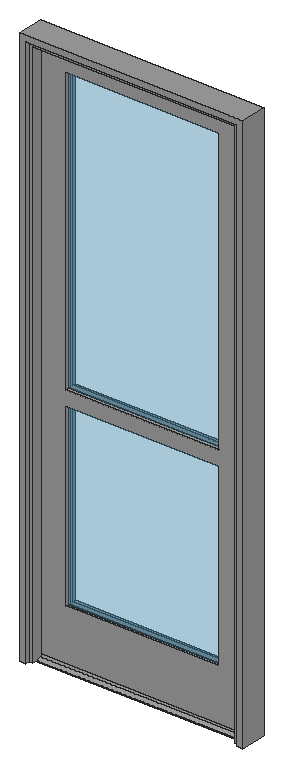
Revit family "RD-MS-DOOR-1-CW_v04", category Curtain Panels, Revit 2015
Parameters
  Width [instance] = 3' - 2"
  URL = "obe.com"
  Rough Width [instance] = 3' - 0"
  Panel Width [instance] = Min Panel Width  # 3' - 0"
  Panel Offset [instance] = 0' - 0"
  Offset [instance] = 0' - 1"
  Model = "RD-MS 1\" Infill"
  Min-Max Rough Width [instance] = if(and((Rough Width > 3' 1 255/256"), (Rough Width < 3' 8 1/256")), Rough Width, 3' 2")  # 3' - 2"
  Min Panel Width [instance] = if(and((Rough Width > 3' 1 255/256"), (Rough Width < 3' 8 1/256")), Rough Width - 0' 2", 3' 0")  # 3' - 0"
  Manufacturer = "Oldcastle BuildingEnvelope®"
  Keynote = "08 11 00"
  Hinge [instance] = yes
  Height [instance] = 8' - 0"
  Pushbar Height [instance] = 3' - 5 1/4"  # constant formula
  Glass Material = Glass
  Frame Material = Aluminum
  Door Panel Height [instance] = Height - 0' 0 1/2"  # 7' - 11 1/2"
  Description = "Rugged Door-Medium Stile 1\" Infill"
  Assembly Code = "B2030"
  Analytic Construction = "<None>"
  8 Muntin [instance] = no
  Mid-Panel [instance] = no
  10 Bottom Rail [instance] = not([8 Bottom Rail])  # no
  4 Muntin [instance] = no
  8 Bottom Rail [instance] = yes
  1 Muntin [instance] = if(or([4 Muntin], [8 Muntin], [Mid-Panel]), 1 = 2, 1 = 1)  # yes
Reference planes (in)
  plane 1 "Front": y = 0
  plane 2: z = 0
  plane 3 "Center (Left/Right)": x = 0
  plane 4 "Left": x = -19
  plane 5 "Right": x = 19
  plane 6 "Top": z = 96
  plane 7 "Offset": y = -1
  plane 8: y = -2.133
  plane 9: y = -2.133
  plane 10: y = -2.133
  plane 11: x = -19
  plane 12: x = 19
Forms (in)
  Sweep 1, solid, material "Aluminum" <- "Frame Material"
    path origin (0, -1, 0) x (-1, 0, 0) y (0, 0, 1)
      loop
        line (19, 0) -> (19, 96)
    profile origin (-19, -1, 48) x (1, 0, 0) y (0, 1, 0)
      loop
        line (1, -2.266) -> (1, 0) -> (0, 0) -> (0, -4.5) -> (1, -4.5) -> (1, -3.891) -> (1.75, -3.891) -> (1.75, -2.266) -> (1, -2.266)
  Sweep 2, solid, material "Aluminum" <- "Frame Material"
    path origin (0, -1, 0) x (-1, 0, 0) y (0, 0, 1)
      loop
        line (-19, 0) -> (-19, 96)
    profile origin (19, -1, 48) x (1, 0, 0) y (0, 1, 0)
      loop
        line (-1, -2.266) -> (-1.75, -2.266) -> (-1.75, -3.891) -> (-1, -3.891) -> (-1, -4.5) -> (0, -4.5) -> (0, 0) -> (-1, 0) -> (-1, -2.266)
  Extrusion 3, solid, material "Aluminum" <- "Frame Material"
    sketch origin (-19, 0, 0) x (0, -1, 0) y (0, 0, 1)
      loop
        line (3.266, 94.25) -> (4.891, 94.25) -> (4.891, 95) -> (5.5, 95) -> (5.5, 96) -> (1, 96) -> (1, 95) -> (3.266, 95) -> (3.266, 94.25)
    from -38 to 0
Cuts and joins
  joined: Sweep 1, Sweep 2, Extrusion 3
Text (in)
  text "Exterior" at (-54.29358, 31.38743, 0), in view "Ref. Level"
  text "Exterior" at (480, 41.53993, 89.60405), in view "Right"
  text "Exterior" at (-240, 57.82419, 105.78864), in view "Left"
Dimensions and locks (in)
  equal spacing: plane 4 "Left", plane 3 "Center (Left/Right)", plane 5 "Right"
  "Width": plane 4 "Left" to plane 5 "Right"
  "Height": plane 6 "Top" to plane 2
  "Offset": plane 1 "Front" to plane 7 "Offset"
  locked: plane 7 "Offset" to plane 8 at 1.133
  locked: plane 7 "Offset" to plane 9 at 1.133
  Extrusion 3 sketch curve to Extrusion 3 sketch curve to Extrusion 3 sketch curve = 0' - 0 3/4" locked, 0' - 0" locked
  Extrusion 3 sketch curve to nested 1 to Extrusion 3 sketch curve to Extrusion 3 sketch curve to Extrusion 3 sketch curve = 0' - 0" locked, 0' - 2.266" locked, 0' - 1 5/8" locked, 0' - 0.609" locked
  locked: plane 7 "Offset" to plane 10 at 1.133
  equal spacing: plane 11, plane 3 "Center (Left/Right)", plane 12
  "Min-Max Rough Width": plane 11 to plane 12
  aligned and locked: level to plane 2
  aligned and locked: plane 3 "Center (Left/Right)" to nested 1
  aligned and locked: plane 6 "Top" to Sweep 1 sketch curve
  aligned and locked: level to Sweep 1 sketch curve
  aligned and locked: plane 6 "Top" to Sweep 2 sketch curve
  aligned and locked: level to Sweep 2 sketch curve
  aligned and locked: Extrusion 3 to plane 6 "Top"
  aligned and locked: Extrusion 3 sketch curve to plane 6 "Top"
  aligned and locked: nested 1 to plane 7 "Offset"
  aligned and locked: nested 3 to plane 8
  aligned and locked: plane 6 "Top" to nested 2
  aligned and locked: plane 10 to nested 2
  aligned and locked: nested 4 to plane 9
  aligned and locked: plane 12 to nested 3
  aligned and locked: nested 4 to plane 11
  aligned and locked: Sweep 1 sketch curve to plane 11
  aligned and locked: plane 12 to Sweep 2 sketch curve
  aligned and locked: cut or joined group of Sweep 1, Sweep 2, Extrusion 3 to plane 11
  aligned and locked: cut or joined group of Sweep 1, Sweep 2, Extrusion 3 to plane 12
Automatic sketch dimensions
  Sweep 1 sketch curve to profile plane = 0' - 0"
  Sweep 1 sketch curve to plane 7 "Offset" = 0' - 0"
  Sweep 1 sketch curve to profile plane = 0' - 1"  (x2)
  Sweep 1 sketch curve to Sweep 1 sketch curve = 0' - 0 3/4"
  Sweep 1 sketch curve to plane 7 "Offset" = 0' - 2.266"
  Sweep 1 sketch curve to Sweep 1 sketch curve = 0' - 1 5/8"
  Sweep 1 sketch curve to Sweep 1 sketch curve = 0' - 0.609"
  Sweep 2 sketch curve to plane 7 "Offset" = 0' - 0"
  Sweep 2 sketch curve to profile plane = 0' - 0"
  profile plane to Sweep 2 sketch curve = 0' - 1"  (x2)
  Sweep 2 sketch curve to Sweep 2 sketch curve = 0' - 0 3/4"
  Sweep 2 sketch curve to plane 7 "Offset" = 0' - 2.266"
  Sweep 2 sketch curve to Sweep 2 sketch curve = 0' - 1 5/8"
  Sweep 2 sketch curve to Sweep 2 sketch curve = 0' - 0.609"
  plane 6 "Top" to Extrusion 3 sketch curve = 0' - 1"
Nested families (in)
  nested 1: "RD-MS-DOOR-1-Panel_v03" at (0, -6, 0), Frame Material <- "Frame Material", Glass Material <- "Glass Material", 4 Muntin <- "4 Muntin", 8 Muntin <- "8 Muntin", Hinge <- "Hinge", Height <- "Door Panel Height", Width <- "Min Panel Width", Mid-Panel <- "Mid-Panel", 8 Bottom Rail <- "8 Bottom Rail", Offset <- "Panel Offset", type "RD-MS-DOOR-1-Panel_v03"
    with built-in parameter 1001301 3' - 0", Pushbar Height 3' - 5 1/4", Offset 0' - 0", Mid-Panel no, Hinge yes, built-in parameter 1001300 7' - 11 1/2", Glass at Muntin 0' - 1 9/16", Glass Material Glass, Frame Material Aluminum, Bottom Rail 0' - 8 29/32", 8 Muntin no, 8 Bottom Rail yes, 4 Muntin no, 10 Bottom Rail no, 1 Muntin yes
  nested 2: "Dub-Framing-DI" at (-19, -2.133, 96) x (0, -1, 0) z (-1, 0, 0), type "Dub-Framing-DI"
  nested 3: "Dub-Framing-DI" at (19, -2.133, 0) x (0, -1, 0) z (0, 0, 1), type "Dub-Framing-DI"
  nested 4: "Dub-Framing-DI" at (-19, -2.133, 0) x (0, -1, 0) z (0, 0, 1), type "Dub-Framing-DI"
Definition of nested family "RD-MS-DOOR-1-Panel_v03"
  Parameters (values of type "RD-MS-DOOR-1-Panel_v03")
    Width [instance] = 3' - 1 1/2"
    Pushbar Height [instance] = 3' - 5 1/4"  # constant formula
    Offset [instance] = 0' - 1"
    Mid-Panel [instance] = no
    Hinge [instance] = yes
    Height [instance] = 8' - 0"
    Glass at Muntin [instance] = if([8 Muntin], 0' 8 9/16", if([4 Muntin], 0' 4 9/16", if([Mid-Panel], 0' 8 9/16", 0' 1 9/16")))  # 0' - 1 9/16"
    Glass Material [instance] = none
    Frame Material [instance] = none
    Bottom Rail [instance] = if([10 Bottom Rail], 0' 10 29/32", 0' 8 29/32")  # 0' - 8 29/32"
    Analytic Construction = "<None>"
    8 Muntin [instance] = no
    4 Muntin [instance] = no
    8 Bottom Rail [instance] = yes
    10 Bottom Rail [instance] = not([8 Bottom Rail])  # no
    1 Muntin [instance] = if(or([4 Muntin], [8 Muntin], [Mid-Panel]), 1 = 2, 1 = 1)  # yes
  Reference planes (in)
    plane 1 "00": y = 2.87759
    plane 2: z = 0
    plane 3 "Center (Left/Right)": x = 0
    plane 4: z = 96
    plane 5: x = 18.75
    plane 6: x = -18.75
    plane 7 "Center (Front/Back)": y = 5
    plane 8 "Exterior": y = 3.37759
    plane 9: z = 48
    plane 10: z = 92.96875
    plane 11: z = 92
    plane 12: z = 8.90625
    plane 13: z = 40.46875
    plane 14: z = 42.03125
    plane 15 "Offset": y = 4
    plane 16: z = 41.25
  Forms (in)
    Sweep 1, solid, material <- "Frame Material"
      path origin (0, 2.87759, 0) x (1, 0, 0) y (0, 0, 1)
        loop
          line (-18.25503, 96) -> (18.25494, 96)
      profile origin (-0.00004, 2.87759, 96) x (0, 0, 1) y (0, -1, 0)
        loop
          line (-0.65625, -1.008) -> (-0.65625, 1.008) -> (-2.74593, 1.008) -> (-4.40625, 1.008) -> (-4.40625, 0.5) -> (-4, 0.5) -> (-4, -0.5) -> (-4.40625, -0.5) -> (-4.40625, -1.008) -> (-2.74593, -1.008) -> (-0.65625, -1.008)
    Sweep 2, solid, material <- "Frame Material"
      path origin (0, 2.87759, 0) x (1, 0, 0) y (0, 0, 1)
        loop
          line (18.25494, 0) -> (-18.25503, 0)
      profile origin (-0.00004, 2.87759, 0) x (0, 0, -1) y (0, -1, 0)
        loop
          line (-9.4375, -0.5) -> (-9.4375, -1.008) -> (-0.6875, -1.008) -> (-0.6875, 1.008) -> (-9.4375, 1.008) -> (-9.4375, 0.5) -> (-8.90625, 0.5) -> (-8.90625, -0.5) -> (-9.4375, -0.5)
        loop
          line (-0.5, -1.288) -> (-0.19364, -1.945) -> (-0.00001, -1.945) -> (-0.00001, 2.055) -> (-0.19364, 2.055) -> (-0.5, 1.398) -> (-0.5, -1.288)
    Sweep 3, solid, material <- "Frame Material"
      path origin (0, 2.87759, 0) x (1, 0, 0) y (0, 0, 1)
        loop
          line (18.75, 95.34375) -> (18.75, 0.6875)
      profile origin (18.75, 2.87759, 48.01563) x (0, -1, 0) y (1, 0, 0)
        loop
          line (-1.008, -0.36949) -> (-1.008, -2.21393) -> (-1.008, -4.86924) -> (-0.5, -4.86924) -> (-0.5, -4.40024) -> (0.5, -4.40024) -> (0.5, -4.86924) -> (1.008, -4.86924) -> (1.008, -2.21393) -> (1.008, -0.49506) -> (-1.008, -0.36949)
    Sweep 4, solid, material <- "Frame Material"
      path origin (0, 2.87759, 0) x (1, 0, 0) y (0, 0, 1)
        loop
          line (-18.75, 95.34375) -> (-18.75, 0.6875)
      profile origin (-18.75, 2.87759, 48.01563) x (0, -1, 0) y (1, 0, 0)
        loop
          line (-1.008, 0.3694) -> (1.008, 0.49497) -> (1.008, 2.21468) -> (1.008, 4.86924) -> (0.5, 4.86924) -> (0.5, 4.40024) -> (-0.5, 4.40024) -> (-0.5, 4.86924) -> (-1.008, 4.86924) -> (-1.008, 2.21468) -> (-1.008, 0.3694)
    Sweep 5, solid, material <- "Frame Material"
      path origin (0, 2.87759, 0) x (1, 0, 0) y (0, 0, 1)
        loop
          line (18.25494, 48) -> (-18.25503, 48)
      profile origin (-0.00004, 2.87759, 48) x (0, 0, -1) y (0, -1, 0)
        loop
          line (7.93775, 1.008) -> (5.43775, 1.008) -> (5.43775, 0.5) -> (5.96875, 0.5) -> (5.96875, -0.5) -> (5.43775, -0.5) -> (5.43775, -1.008) -> (7.93775, -1.008) -> (7.93775, -0.5) -> (7.53125, -0.5) -> (7.53125, 0.5) -> (7.93775, 0.5) -> (7.93775, 1.008)
    Extrusion 6, solid, material <- "Glass Material", detail levels coarse
      sketch origin (0, 0, 0) x (1, 0, 0) y (0, 1, 0)
        loop
          line (-14.34976, 3.37759) -> (-14.34976, 2.37759) -> (14.34976, 2.37759) -> (14.34976, 3.37759) -> (-14.34976, 3.37759)
      from 42.03125 to 92
    Extrusion 7, solid, material <- "Glass Material", detail levels medium+fine
      sketch origin (0, 0, 0) x (1, 0, 0) y (0, 1, 0)
        loop
          line (-14.34976, 2.37759) -> (14.34976, 2.37759) -> (14.34976, 2.62559) -> (-14.34976, 2.62559) -> (-14.34976, 2.37759)
        loop
          line (14.34976, 3.37759) -> (-14.34976, 3.37759) -> (-14.34976, 3.12959) -> (14.34976, 3.12959) -> (14.34976, 3.37759)
      from 42.03125 to 92
    Extrusion 8, solid, material <- "Glass Material", detail levels coarse
      sketch origin (0, 0, 0) x (1, 0, 0) y (0, 1, 0)
        loop
          line (-14.34976, 3.37759) -> (-14.34976, 2.37759) -> (14.34976, 2.37759) -> (14.34976, 3.37759) -> (-14.34976, 3.37759)
      from 8.90625 to 40.46875
    Extrusion 9, solid, material <- "Glass Material", detail levels medium+fine
      sketch origin (0, 0, 0) x (1, 0, 0) y (0, 1, 0)
        loop
          line (-14.34976, 3.37759) -> (-14.34976, 3.12959) -> (14.34976, 3.12959) -> (14.34976, 3.37759) -> (-14.34976, 3.37759)
        loop
          line (-14.34976, 2.62559) -> (-14.34976, 2.37759) -> (14.34976, 2.37759) -> (14.34976, 2.62559) -> (-14.34976, 2.62559)
      from 8.90625 to 40.46875
  Cuts and joins
    joined: Sweep 1, Sweep 2, Sweep 3, Sweep 4, Sweep 5
  Lines and regions (in)
    model lines
      curve 1: line (14.43825, 3.37759, 92) -> (-14.34976, 3.37759, 48)
      curve 2: line (-14.34976, 3.37759, 48) -> (13.88076, 3.37759, 9.1875)
  Dimensions and locks (in)
    "Width": plane 6 to plane 5
    "Offset": plane 15 "Offset" to plane 7 "Center (Front/Back)"
    plane 1 "00" to plane 8 "Exterior" to plane 15 "Offset" = 0' - 0 1/2" locked, 0' - 0.62241" locked
    equal spacing: level, plane 9, plane 4
    locked: Sweep 2 sketch curve to plane 6 at 0.49497
    locked: plane 5 to Sweep 2 sketch curve at 0.49506
    locked: Sweep 3 sketch curve to plane 4 at 0.65625
    locked: Sweep 4 sketch curve to plane 4 at 0.65625
    locked: Sweep 1 sketch curve to plane 6 at 0.49497
    locked: plane 5 to Sweep 1 sketch curve at 0.49506
    locked: plane 5 to Sweep 5 sketch curve at 0.49506
    locked: Sweep 5 sketch curve to plane 6 at 0.49497
    locked: plane 4 to plane 10 at 3.03125
    Extrusion 7 sketch curve to Extrusion 7 sketch curve to nested 1 to Extrusion 7 sketch curve to Extrusion 7 sketch curve = 0' - 0.248" locked, 0' - 0.252" locked, 0' - 0.252" locked, 0' - 0.248" locked
    Extrusion 6 sketch curve to plane 1 "00" to Extrusion 6 sketch curve = 0' - 0 1/2" locked, 0' - 0 1/2" locked
    Extrusion 8 sketch curve to plane 1 "00" to Extrusion 8 sketch curve = 0' - 0 1/2" locked, 0' - 0 1/2" locked
    Extrusion 9 sketch curve to Extrusion 9 sketch curve to plane 1 "00" to Extrusion 9 sketch curve to Extrusion 9 sketch curve = 0' - 0.248" locked, 0' - 0.252" locked, 0' - 0.252" locked, 0' - 0.248" locked
    "Glass at Muntin": plane 13 to plane 14
    locked: plane 11 to plane 4 at 4
    "Bottom Rail": plane 12 to plane 2
    "Height": plane 4 to plane 2
    locked: Sweep 1 sketch curve to plane 11 at 0.40625  (x2)
    locked: plane 14 to Sweep 5 sketch curve at 0.531  (x2)
    locked: Sweep 5 sketch curve to plane 13 at 0.4065  (x2)
    locked: plane 12 to Sweep 2 sketch curve at 0.53125  (x2)
    equal spacing: plane 6, plane 3 "Center (Left/Right)", plane 5
    locked: plane 6 to Extrusion 8 sketch curve at 4.40024
    locked: Extrusion 8 sketch curve to plane 5 at 4.40024
    locked: Extrusion 9 sketch curve to plane 5 at 4.40024  (x2)
    locked: plane 6 to Extrusion 9 sketch curve at 4.40024  (x2)
    plane 6 to Extrusion 6 sketch curve = 0' - 4.40024"
    locked: Extrusion 6 sketch curve to plane 5 at 4.40024
    locked: plane 6 to Extrusion 7 sketch curve at 4.40024  (x2)
    locked: Extrusion 7 sketch curve to plane 5 at 4.40024  (x2)
    equal spacing: plane 13, plane 16, plane 14
    "Pushbar Height": plane 2 to plane 16
    locked: plane 2 to Sweep 3 sketch curve at 0.6875
    locked: plane 2 to Sweep 4 sketch curve at 0.6875
    aligned and locked: plane 2 to level
    aligned and locked: plane 1 "00" to nested 1
    aligned and locked: plane 3 "Center (Left/Right)" to nested 1
    aligned and locked: Sweep 1 sketch curve to plane 4
    aligned and locked: Sweep 2 sketch curve to level
    aligned and locked: level to nested 2
    aligned and locked: nested 2 to plane 1 "00"
    aligned and locked: plane 5 to Sweep 3 sketch curve
    aligned and locked: plane 6 to Sweep 4 sketch curve
    aligned and locked: Sweep 5 sketch curve to plane 9
    aligned and locked: Extrusion 7 to plane 11
    aligned and locked: Extrusion 6 to plane 11
    aligned and locked: plane 14 to Extrusion 7
    aligned and locked: plane 14 to Extrusion 6
    aligned and locked: Extrusion 8 to plane 13
    aligned and locked: Extrusion 9 to plane 13
    aligned and locked: plane 12 to Extrusion 9
    aligned and locked: plane 12 to Extrusion 8
    aligned and locked: cut or joined group of Sweep 1, Sweep 2, Sweep 3, Sweep 4, Sweep 5 to curve 2
    aligned and locked: cut or joined group of Sweep 1, Sweep 2, Sweep 3, Sweep 4, Sweep 5 to curve 1
    aligned and locked: plane 9 to curve 1
    aligned and locked: Sweep 5 sketch curve to plane 13
    aligned and locked: plane 14 to Sweep 5 sketch curve
  Automatic sketch dimensions
    curve 2 to plane 12 = 0' - 0 9/32"
    curve 1 to plane 11 = 0' - 0"
    curve 1 to plane 5 = 0' - 4.31175"
    Sweep 1 sketch curve to Sweep 1 sketch curve = 0' - 0 13/32"
    Sweep 1 sketch curve to Sweep 1 sketch curve = 0' - 1.25407"  (x2)
    profile plane to Sweep 1 sketch curve = 0' - 0 21/32"
    Sweep 1 sketch curve to plane 1 "00" = 0' - 1.008"
    Sweep 1 sketch curve to plane 1 "00" = 0' - 0 1/2"
    plane 1 "00" to Sweep 1 sketch curve = 0' - 0 1/2"
    Sweep 1 sketch curve to Sweep 1 sketch curve = 0' - 0.508"
    Sweep 5 sketch curve to plane 1 "00" = 0' - 1.008"
    Sweep 5 sketch curve to plane 1 "00" = 0' - 0 1/2"  (x2)
    plane 1 "00" to Sweep 5 sketch curve = 0' - 0 1/2"  (x2)
    Sweep 5 sketch curve to Sweep 5 sketch curve = 0' - 0.508"
    Sweep 2 sketch curve to Sweep 2 sketch curve = 0' - 0 17/32"
    profile plane to Sweep 2 sketch curve = 0' - 0 1/2"
    profile plane to Sweep 2 sketch curve = 0' - 0.19364"  (x2)
    profile plane to Sweep 2 sketch curve = 0' - 0"
    Sweep 2 sketch curve to plane 1 "00" = 0' - 1.945"
    Sweep 2 sketch curve to plane 1 "00" = 0' - 0 1/2"
    plane 1 "00" to Sweep 2 sketch curve = 0' - 0 1/2"
    Sweep 2 sketch curve to Sweep 2 sketch curve = 0' - 0.508"  (x2)
    Sweep 2 sketch curve to Sweep 2 sketch curve = 0' - 0.39"
    Sweep 2 sketch curve to Sweep 2 sketch curve = 0' - 0.657"
    Sweep 4 sketch curve to plane 1 "00" = 0' - 1.008"
    Sweep 4 sketch curve to plane 1 "00" = 0' - 0 1/2"
    plane 1 "00" to Sweep 4 sketch curve = 0' - 0 1/2"
    plane 1 "00" to Sweep 4 sketch curve = 0' - 1.008"
    Sweep 4 sketch curve to profile plane = 0' - 0.3694"
    Sweep 4 sketch curve to profile plane = 0' - 0.49497"
    Sweep 4 sketch curve to Sweep 4 sketch curve = 0' - 1.84528"
    Sweep 4 sketch curve to Sweep 4 sketch curve = 0' - 1.71971"
    Sweep 4 sketch curve to Sweep 4 sketch curve = 0' - 2.18556"
    Sweep 4 sketch curve to Sweep 4 sketch curve = 0' - 0.469"  (x2)
    profile plane to Sweep 3 sketch curve = 0' - 0.36949"
    Sweep 3 sketch curve to plane 1 "00" = 0' - 1.008"
    Sweep 3 sketch curve to plane 1 "00" = 0' - 0 1/2"
    plane 1 "00" to Sweep 3 sketch curve = 0' - 0 1/2"
    profile plane to Sweep 3 sketch curve = 0' - 0.49506"
    plane 1 "00" to Sweep 3 sketch curve = 0' - 1.008"
    Sweep 3 sketch curve to Sweep 3 sketch curve = 0' - 1.71887"
    Sweep 3 sketch curve to Sweep 3 sketch curve = 0' - 1.84444"
    Sweep 3 sketch curve to Sweep 3 sketch curve = 0' - 2.18631"
    Sweep 3 sketch curve to Sweep 3 sketch curve = 0' - 0.469"  (x2)
    Sweep 2 sketch curve to Sweep 2 sketch curve = 0' - 0 3/16"
    Sweep 2 sketch curve to Sweep 2 sketch curve = 0' - 0.28"
  Nested families (in)
    nested 1: "RD-MS-DOOR-1-Plan View" at (0, 2.87759, 0), Hinge <- "Hinge", Width <- "Width", type "RD-MS-DOOR-1-Plan View"
      with Width 3' - 1 1/2", Hinge yes
    nested 2: "RD-MS-DOOR-1-Section_v02" at (0, 2.87759, 0) x (0, -1, 0) z (1, 0, 0), Height <- "Height", 4 Muntin <- "4 Muntin", 8 Muntin <- "8 Muntin", 8 Bottom Rail <- "8 Bottom Rail", Mid-Panel <- "Mid-Panel", type "RD-MS-DOOR-1-Section_v02"
      with Pushbar Height 3' - 5 1/4", Mid-Panel no, Height 8' - 0", Glass at Muntins 0' - 1 9/16", Bottom Rail 0' - 8 29/32", 8 Muntin no, 8 Bottom Rail yes, 4 Muntin no, 10 Bottom Rail no, 1 Muntin yes
  Definition of nested family "RD-MS-DOOR-1-Plan View"
    Parameters (values of type "RD-MS-DOOR-1-Plan View")
      Width [instance] = 3' - 0"
      Hinge [instance] = yes
    Reference planes (in)
      plane 1 "Center (Front/Back)": y = 0
      plane 2: z = 0
      plane 3 "Center (Left/Right)": x = 0
      plane 4: x = -18
      plane 5: x = 18
      plane 6: x = 16.68437
      plane 7: y = 36
    Lines and regions (in)
      detail lines, in view "Ref. Level", not visible
        curve 1: line (-13.59976, 0.5, 0) -> (13.59976, 0.5, 0)
        curve 2: line (13.59976, 0.252, 0) -> (-13.59976, 0.252, 0)
        curve 3: line (-13.59976, -0.252, 0) -> (13.59976, -0.252, 0)
        curve 4: line (13.59976, -0.5, 0) -> (-13.59976, -0.5, 0)
      detail lines, in view "Ref. Level"
        curve 5: line (15.81869, 31.59976, 0) -> (15.81869, 5.75825, 0)
        curve 14: line (16.81869, 31.59976, 0) -> (16.81869, 5.75825, 0)
        curve 15: arc (17.69237, 35.63105, 0) -> (-7.50988, 24.61597, 0) -> (-17.50476, -1.008, 0) r 35.8736
      detail lines, in view "Ref. Level", detail levels fine
        curve 6: line (15.88069, 31.59976, 0) -> (15.88069, 5.75825, 0)
        curve 7: line (15.94269, 31.59976, 0) -> (15.94269, 5.75825, 0)
        curve 8: line (16.00469, 31.59976, 0) -> (16.00469, 5.75825, 0)
        curve 11: line (16.63269, 31.59976, 0) -> (16.63269, 5.75825, 0)
        curve 12: line (16.69469, 31.59976, 0) -> (16.69469, 5.75825, 0)
        curve 13: line (16.75669, 31.59976, 0) -> (16.75669, 5.75825, 0)
      detail lines, in view "Ref. Level", detail levels medium+fine
        curve 9: line (16.06669, 31.59976, 0) -> (16.06669, 5.75825, 0)
        curve 10: line (16.57069, 31.59976, 0) -> (16.57069, 5.75825, 0)
    Dimensions and locks (in)
      "Width": plane 4 to plane 5
      equal spacing: plane 4, plane 3 "Center (Left/Right)", plane 5
      plane 5 to plane 6 to nested 3 = 0' - 1.31563" locked, 0' - 0.36568" locked
      "Width": plane 7 to plane 1 "Center (Front/Back)"
      locked: nested 3 to plane 7 at 2.25
      locked: plane 5 to nested 2 at 2.25
      nested 5 to plane 5 to nested 1 = 0' - 1.68131" locked, 0' - 2 1/4" locked
      locked: nested 4 to plane 4 at 2.25
      nested 5 to plane 1 "Center (Front/Back)" = 0' - 0.89199"
      aligned and locked: nested 1 to plane 1 "Center (Front/Back)"
      aligned and locked: nested 2 to plane 1 "Center (Front/Back)"
      aligned and locked: plane 1 "Center (Front/Back)" to nested 4
      aligned and locked: nested 2 to curve 1
      aligned and locked: curve 4 to nested 2
      aligned and locked: nested 2 to curve 3
      aligned and locked: nested 2 to curve 2
      aligned and locked: nested 4 to curve 1
      aligned and locked: nested 4 to curve 2
      aligned and locked: nested 4 to curve 3
      aligned and locked: curve 4 to nested 4
      aligned and locked: nested 5 to curve 14
      aligned and locked: nested 5 to curve 13
      aligned and locked: nested 5 to curve 12
      aligned and locked: nested 5 to curve 11
      aligned and locked: nested 5 to curve 10
      aligned and locked: nested 5 to curve 9
      aligned and locked: nested 5 to curve 8
      aligned and locked: nested 5 to curve 7
      aligned and locked: nested 5 to curve 6
      aligned and locked: nested 5 to curve 5
      aligned and locked: nested 3 to curve 14
      aligned and locked: nested 3 to curve 13
      aligned and locked: nested 3 to curve 12
      aligned and locked: nested 3 to curve 11
      aligned and locked: nested 3 to curve 10
      aligned and locked: nested 3 to curve 9
      aligned and locked: nested 3 to curve 8
      aligned and locked: nested 3 to curve 7
      aligned and locked: nested 3 to curve 6
      aligned and locked: nested 3 to curve 5
    Automatic sketch dimensions
      plane 5 to curve 15 = 0' - 0.36054"
      plane 1 "Center (Front/Back)" to curve 15 = 0' - 0.23632"
      plane 4 to curve 15 = 0' - 0.49524"
      plane 6 to curve 5 = 0' - 0.86568"
      curve 5 to curve 6 = 0' - 0.062"
      curve 6 to curve 7 = 0' - 0.062"
      curve 7 to curve 8 = 0' - 0.062"
      curve 8 to curve 9 = 0' - 0.062"
      plane 6 to curve 10 = 0' - 0.11368"
      curve 10 to curve 11 = 0' - 0.062"
      curve 11 to curve 12 = 0' - 0.062"
      curve 12 to curve 13 = 0' - 0.062"
      curve 13 to curve 14 = 0' - 0.062"
      curve 15 to plane 5 = 0' - 0.30763"
      curve 1 to plane 1 "Center (Front/Back)" = 0' - 0 1/2"
      curve 2 to curve 1 = 0' - 0.248"
      plane 1 "Center (Front/Back)" to curve 3 = 0' - 0.252"
      curve 4 to curve 3 = 0' - 0.248"
      plane 1 "Center (Front/Back)" to curve 15 = 0' - 1.008"
    Nested families (in)
      nested 1: "HINGE" at (20.25, 0, 0) x (-1, 0, 0) z (0, 0, 1), visible <- "Hinge", type "HINGE", in view "Ref. Level"
      nested 2: "HINGE STILE HD-DI" at (20.25, 0, 0) x (-1, 0, 0) z (0, 0, 1), type "HINGE STILE-HD-DI", in view "Ref. Level", not visible
      nested 3: "HINGE STILE HD-DI" at (16.31869, 38.25, 0) x (0, -1, 0) z (0, 0, 1), type "HINGE STILE-HD-DI", in view "Ref. Level"
      nested 4: "HINGE STILE HD-DI" at (-20.25, 0, 0), type "HINGE STILE-HD-DI", in view "Ref. Level", not visible
      nested 5: "HINGE STILE HD-DI" at (16.31869, -0.89199, 0) x (0, 1, 0) z (0, 0, 1), type "HINGE STILE-HD-DI", in view "Ref. Level"
    Definition of nested family "HINGE"
      Reference planes (in)
        plane 1 "Center (Front/Back)": y = 0
        plane 2: z = 0
        plane 3 "Center (Left/Right)": x = 0
    Definition of nested family "HINGE STILE HD-DI"
      Reference planes (in)
        plane 1 "Center (Front/Back)": y = 0
        plane 2: z = 0
        plane 3 "Center (Left/Right)": x = 0
      Lines and regions (in)
        detail lines, in view "Ref. Level"
          curve 1: line (7.11924, 1.008, 0) -> (2.74524, 1.008, 0)
          curve 2: line (7.11924, -1.008, 0) -> (2.61924, -1.008, 0)
          curve 3: line (2.61924, -1.008, 0) -> (2.74524, 1.008, 0)
          curve 4: line (7.11924, 1.008, 0) -> (7.11924, 0.5, 0)
          curve 5: line (7.11924, 0.5, 0) -> (6.65024, 0.5, 0)
          curve 6: line (6.65024, 0.5, 0) -> (6.65024, -0.5, 0)
          curve 7: line (6.65024, -0.5, 0) -> (7.11924, -0.5, 0)
          curve 8: line (7.11924, -0.5, 0) -> (7.11924, -1.008, 0)
  Definition of nested family "RD-MS-DOOR-1-Section_v02"
    Parameters (values of type "RD-MS-DOOR-1-Section_v02")
      Pushbar Height [instance] = 3' - 5 1/4"  # constant formula
      Mid-Panel [instance] = no
      Height [instance] = 8' - 0"
      Glass at Muntins [instance] = if([8 Muntin], 0' 8 9/16", if([4 Muntin], 0' 4 9/16", if([Mid-Panel], 0' 8 9/16", 0' 1 9/16")))  # 0' - 1 9/16"
      Bottom Rail [instance] = if([10 Bottom Rail], 0' 10 29/32", 0' 8 29/32")  # 0' - 8 29/32"
      8 Muntin [instance] = no
      8 Bottom Rail [instance] = yes
      4 Muntin [instance] = no
      10 Bottom Rail [instance] = not([8 Bottom Rail])  # no
      1 Muntin [instance] = if(or([4 Muntin], [8 Muntin], [Mid-Panel]), 1 = 2, 1 = 1)  # yes
    Reference planes (in)
      plane 1 "Center (Front/Back)": y = 0
      plane 2: z = 0
      plane 3 "Center (Left/Right)": x = 0
      plane 4: y = 92
      plane 5: y = 42.03125
      plane 6: y = 40.46875
      plane 7: y = 42.56225
      plane 8: y = 96
      plane 9: y = 8.90625
      plane 10: y = 41.25
    Lines and regions (in)
      detail lines, in view "Ref. Level"
        curve 1: line (-0.5, 40.46875, 0) -> (-0.5, 8.90625, 0)
        curve 10: line (0.5, 40.46875, 0) -> (0.5, 8.90625, 0)
        curve 11: line (-0.5, 92, 0) -> (-0.5, 42.03125, 0)
        curve 20: line (0.5, 92, 0) -> (0.5, 42.03125, 0)
      detail lines, in view "Ref. Level", detail levels fine
        curve 2: line (-0.438, 40.46875, 0) -> (-0.438, 8.90625, 0)
        curve 3: line (-0.376, 40.46875, 0) -> (-0.376, 8.90625, 0)
        curve 4: line (-0.314, 40.46875, 0) -> (-0.314, 8.90625, 0)
        curve 7: line (0.314, 40.46875, 0) -> (0.314, 8.90625, 0)
        curve 8: line (0.376, 40.46875, 0) -> (0.376, 8.90625, 0)
        curve 9: line (0.438, 40.46875, 0) -> (0.438, 8.90625, 0)
        curve 12: line (-0.438, 92, 0) -> (-0.438, 42.03125, 0)
        curve 13: line (-0.376, 92, 0) -> (-0.376, 42.03125, 0)
        curve 14: line (-0.314, 92, 0) -> (-0.314, 42.03125, 0)
        curve 17: line (0.314, 92, 0) -> (0.314, 42.03125, 0)
        curve 18: line (0.376, 92, 0) -> (0.376, 42.03125, 0)
        curve 19: line (0.438, 92, 0) -> (0.438, 42.03125, 0)
      detail lines, in view "Ref. Level", detail levels medium+fine
        curve 5: line (-0.252, 40.46875, 0) -> (-0.252, 8.90625, 0)
        curve 6: line (0.252, 40.46875, 0) -> (0.252, 8.90625, 0)
        curve 15: line (-0.252, 92, 0) -> (-0.252, 42.03125, 0)
        curve 16: line (0.252, 92, 0) -> (0.252, 42.03125, 0)
    Dimensions and locks (in)
      locked: plane 5 to plane 7 at 0.531
      "Glass at Muntins": plane 6 to plane 5
      nested 1 to plane 8 to plane 4 = 0' - 2 31/32" locked, 0' - 4" locked
      "Bottom Rail": plane 1 "Center (Front/Back)" to plane 9
      "Height": plane 1 "Center (Front/Back)" to plane 8
      equal spacing: plane 6, plane 10, plane 5
      "Pushbar Height": plane 1 "Center (Front/Back)" to plane 10
      aligned and locked: plane 3 "Center (Left/Right)" to nested 1
      aligned and locked: plane 3 "Center (Left/Right)" to nested 2
      aligned and locked: plane 3 "Center (Left/Right)" to nested 3
      aligned and locked: plane 3 "Center (Left/Right)" to nested 4
      aligned and locked: plane 3 "Center (Left/Right)" to nested 5
      aligned and locked: plane 3 "Center (Left/Right)" to nested 6
      aligned and locked: plane 6 to curve 1
      aligned and locked: plane 6 to curve 2
      aligned and locked: plane 6 to curve 3
      aligned and locked: plane 6 to curve 4
      aligned and locked: plane 6 to curve 5
      aligned and locked: plane 6 to curve 10
      aligned and locked: plane 6 to curve 8
      aligned and locked: plane 6 to curve 9
      aligned and locked: plane 6 to curve 7
      aligned and locked: plane 6 to curve 6
      aligned and locked: plane 5 to curve 11
      aligned and locked: plane 5 to curve 12
      aligned and locked: plane 5 to curve 13
      aligned and locked: plane 5 to curve 14
      aligned and locked: plane 5 to curve 15
      aligned and locked: plane 5 to curve 16
      aligned and locked: plane 5 to curve 17
      aligned and locked: plane 5 to curve 18
      aligned and locked: plane 5 to curve 19
      aligned and locked: plane 5 to curve 20
      aligned and locked: plane 4 to curve 11
      aligned and locked: plane 4 to curve 12
      aligned and locked: plane 4 to curve 13
      aligned and locked: plane 4 to curve 14
      aligned and locked: plane 4 to curve 15
      aligned and locked: plane 4 to curve 16
      aligned and locked: plane 4 to curve 17
      aligned and locked: plane 4 to curve 18
      aligned and locked: plane 4 to curve 19
      aligned and locked: plane 4 to curve 20
      aligned and locked: plane 9 to curve 1
      aligned and locked: plane 9 to curve 2
      aligned and locked: plane 9 to curve 3
      aligned and locked: plane 9 to curve 4
      aligned and locked: plane 9 to curve 5
      aligned and locked: plane 9 to curve 6
      aligned and locked: plane 9 to curve 7
      aligned and locked: plane 9 to curve 8
      aligned and locked: plane 9 to curve 9
      aligned and locked: plane 9 to curve 10
      aligned and locked: plane 7 to nested 6
      aligned and locked: nested 6 to plane 7
      aligned and locked: plane 7 to nested 5
      aligned and locked: plane 7 to nested 4
      aligned and locked: plane 1 "Center (Front/Back)" to nested 3
      aligned and locked: plane 1 "Center (Front/Back)" to nested 2
      aligned and locked: plane 3 "Center (Left/Right)" to nested 7
      aligned and locked: plane 7 to nested 7
    Automatic sketch dimensions
      curve 1 to plane 3 "Center (Left/Right)" = 0' - 0 1/2"
      curve 11 to plane 3 "Center (Left/Right)" = 0' - 0 1/2"
      curve 1 to curve 2 = 0' - 0.062"
      curve 11 to curve 12 = 0' - 0.062"
      curve 2 to curve 3 = 0' - 0.062"
      curve 12 to curve 13 = 0' - 0.062"
      curve 13 to curve 14 = 0' - 0.062"
      curve 3 to curve 4 = 0' - 0.062"
      curve 4 to curve 5 = 0' - 0.062"
      curve 14 to curve 15 = 0' - 0.062"
      plane 3 "Center (Left/Right)" to curve 16 = 0' - 0.252"
      plane 3 "Center (Left/Right)" to curve 6 = 0' - 0.252"
      curve 6 to curve 7 = 0' - 0.062"
      curve 16 to curve 17 = 0' - 0.062"
      curve 17 to curve 18 = 0' - 0.062"
      curve 7 to curve 8 = 0' - 0.062"
      curve 8 to curve 9 = 0' - 0.062"
      curve 18 to curve 19 = 0' - 0.062"
      curve 9 to curve 10 = 0' - 0.062"
      curve 19 to curve 20 = 0' - 0.062"
    Nested families (in)
      nested 1: "TOP RAIL-DI" at (0, 98.96875, 0), type "TOP RAIL-DI", in view "Ref. Level"
      nested 2: "8 BOTTOM RAIL-DI" at (0, 9.4375, 0), visible <- "8 Bottom Rail", type "8 BOTTOM RAIL-DI", in view "Ref. Level"
      nested 3: "10 BOTTOM RAIL-DI" at (0, 11.43749, 0), visible <- "10 Bottom Rail", type "10 BOTTOM RAIL-DI", in view "Ref. Level"
      nested 4: "1 MUNTIN-DI" at (0, 42.56225, 0), visible <- "1 Muntin", type "1 MUNTIN-DI", in view "Ref. Level"
      nested 5: "4 MUNTIN-DI" at (0, 42.56225, 0), visible <- "4 Muntin", type "4 MUNTIN-DI", in view "Ref. Level"
      nested 6: "8 MUNTIN-DI" at (0, 42.56225, 0), visible <- "8 Muntin", type "8 MUNTIN-DI", in view "Ref. Level"
      nested 7: "8 MID PANEL-DI" at (0, 42.56225, 0), visible <- "Mid-Panel", type "8 MID PANEL-DI", in view "Ref. Level"
    Definition of nested family "TOP RAIL-DI"
      Reference planes (in)
        plane 1 "Center (Front/Back)": y = 0
        plane 2: z = 0
        plane 3 "Center (Left/Right)": x = 0
      Lines and regions (in)
        detail lines, in view "Ref. Level"
          curve 1: line (1.008, -3.625, 0) -> (-1.008, -3.625, 0)
          curve 2: line (-1.008, -3.625, 0) -> (-1.008, -7.375, 0)
          curve 3: line (-1.008, -7.375, 0) -> (-0.5, -7.375, 0)
          curve 4: line (-0.5, -7.375, 0) -> (-0.5, -6.968, 0)
          curve 5: line (-0.5, -6.968, 0) -> (0.5, -6.968, 0)
          curve 6: line (0.5, -6.968, 0) -> (0.5, -7.375, 0)
          curve 7: line (0.5, -7.375, 0) -> (1.008, -7.375, 0)
          curve 8: line (1.008, -7.375, 0) -> (1.008, -3.625, 0)
    Definition of nested family "8 BOTTOM RAIL-DI"
      Reference planes (in)
        plane 1 "Center (Front/Back)": y = 0
        plane 2: z = 0
        plane 3 "Center (Left/Right)": x = 0
      Lines and regions (in)
        detail lines, in view "Ref. Level"
          curve 1: line (0.5, -0.531, 0) -> (-0.5, -0.531, 0)
          curve 2: line (-0.5, -0.531, 0) -> (-0.5, 0, 0)
          curve 3: line (-0.5, 0, 0) -> (-1.008, 0, 0)
          curve 4: line (-1.008, 0, 0) -> (-1.008, -8.9375, 0)
          curve 5: line (-1.008, -8.9375, 0) -> (-1.288, -8.9375, 0)
          curve 6: line (-1.288, -8.9375, 0) -> (-1.945, -9.24386, 0)
          curve 7: line (-1.945, -9.24386, 0) -> (-1.945, -9.43749, 0)
          curve 8: line (-1.945, -9.43749, 0) -> (2.055, -9.43749, 0)
          curve 9: line (2.055, -9.43749, 0) -> (2.055, -9.24386, 0)
          curve 10: line (2.055, -9.24386, 0) -> (1.398, -8.9375, 0)
          curve 11: line (1.398, -8.9375, 0) -> (1.008, -8.9375, 0)
          curve 12: line (1.008, -8.9375, 0) -> (1.008, 0, 0)
          curve 13: line (1.008, 0, 0) -> (0.5, 0, 0)
          curve 14: line (0.5, 0, 0) -> (0.5, -0.531, 0)
    Definition of nested family "10 BOTTOM RAIL-DI"
      Reference planes (in)
        plane 1 "Center (Front/Back)": y = 0
        plane 2: z = 0
        plane 3 "Center (Left/Right)": x = 0
      Lines and regions (in)
        detail lines, in view "Ref. Level"
          curve 1: line (1.008, 0, 0) -> (0.5, 0, 0)
          curve 2: line (0.5, 0, 0) -> (0.5, -0.531, 0)
          curve 3: line (0.5, -0.531, 0) -> (-0.5, -0.531, 0)
          curve 4: line (-0.5, -0.531, 0) -> (-0.5, 0, 0)
          curve 5: line (-0.5, 0, 0) -> (-1.008, 0, 0)
          curve 6: line (-1.008, 0, 0) -> (-1.008, -10.9375, 0)
          curve 7: line (-1.008, -10.9375, 0) -> (-1.288, -10.9375, 0)
          curve 8: line (-1.288, -10.9375, 0) -> (-1.945, -11.24386, 0)
          curve 9: line (-1.945, -11.24386, 0) -> (-1.945, -11.43749, 0)
          curve 10: line (-1.945, -11.43749, 0) -> (2.055, -11.43749, 0)
          curve 11: line (2.055, -11.43749, 0) -> (2.055, -11.24386, 0)
          curve 12: line (2.055, -11.24386, 0) -> (1.398, -10.9375, 0)
          curve 13: line (1.398, -10.9375, 0) -> (1.008, -10.9375, 0)
          curve 14: line (1.008, -10.9375, 0) -> (1.008, 0, 0)
    Definition of nested family "1 MUNTIN-DI"
      Reference planes (in)
        plane 1 "Center (Front/Back)": y = 0
        plane 2: z = 0
        plane 3 "Center (Left/Right)": x = 0
      Lines and regions (in)
        detail lines, in view "Ref. Level", detail levels coarse
          curve 1: line (0.5, -0.531, 0) -> (-0.5, -0.531, 0)
          curve 2: line (-0.5, -0.531, 0) -> (-0.5, 0, 0)
          curve 3: line (-0.5, 0, 0) -> (-1.008, 0, 0)
          curve 4: line (-1.008, 0, 0) -> (-1.008, -2.5, 0)
          curve 5: line (-1.008, -2.5, 0) -> (-0.5, -2.5, 0)
          curve 6: line (-0.5, -2.5, 0) -> (-0.5, -2.093, 0)
          curve 7: line (-0.5, -2.093, 0) -> (0.5, -2.093, 0)
          curve 8: line (0.5, -2.093, 0) -> (0.5, -2.5, 0)
          curve 9: line (0.5, -2.5, 0) -> (1.008, -2.5, 0)
          curve 10: line (1.008, -2.5, 0) -> (1.008, 0, 0)
          curve 11: line (1.008, 0, 0) -> (0.5, 0, 0)
          curve 12: line (0.5, 0, 0) -> (0.5, -0.531, 0)
    Definition of nested family "4 MUNTIN-DI"
      Reference planes (in)
        plane 1 "Center (Front/Back)": y = 0
        plane 2: z = 0
        plane 3 "Center (Left/Right)": x = 0
      Lines and regions (in)
        detail lines, in view "Ref. Level"
          curve 1: line (1.008, 0, 0) -> (0.5, 0, 0)
          curve 2: line (0.5, 0, 0) -> (0.5, -0.531, 0)
          curve 3: line (0.5, -0.531, 0) -> (-0.5, -0.531, 0)
          curve 4: line (-0.5, -0.531, 0) -> (-0.5, 0, 0)
          curve 5: line (-0.5, 0, 0) -> (-1.008, 0, 0)
          curve 6: line (-1.008, 0, 0) -> (-1.008, -5.5, 0)
          curve 7: line (-1.008, -5.5, 0) -> (-0.5, -5.5, 0)
          curve 8: line (-0.5, -5.5, 0) -> (-0.5, -5.093, 0)
          curve 9: line (-0.5, -5.093, 0) -> (0.5, -5.093, 0)
          curve 10: line (0.5, -5.093, 0) -> (0.5, -5.5, 0)
          curve 11: line (0.5, -5.5, 0) -> (1.008, -5.5, 0)
          curve 12: line (1.008, -5.5, 0) -> (1.008, 0, 0)
    Definition of nested family "8 MUNTIN-DI"
      Reference planes (in)
        plane 1 "Center (Front/Back)": y = 0
        plane 2: z = 0
        plane 3 "Center (Left/Right)": x = 0
      Lines and regions (in)
        detail lines, in view "Ref. Level"
          curve 1: line (1.008, 0, 0) -> (0.5, 0, 0)
          curve 2: line (0.5, 0, 0) -> (0.5, -0.531, 0)
          curve 3: line (0.5, -0.531, 0) -> (-0.5, -0.531, 0)
          curve 4: line (-0.5, -0.531, 0) -> (-0.5, 0, 0)
          curve 5: line (-0.5, 0, 0) -> (-1.008, 0, 0)
          curve 6: line (-1.008, 0, 0) -> (-1.008, -9.5, 0)
          curve 7: line (-1.008, -9.5, 0) -> (-0.5, -9.5, 0)
          curve 8: line (-0.5, -9.5, 0) -> (-0.5, -9.093, 0)
          curve 9: line (-0.5, -9.093, 0) -> (0.5, -9.093, 0)
          curve 10: line (0.5, -9.093, 0) -> (0.5, -9.5, 0)
          curve 11: line (0.5, -9.5, 0) -> (1.008, -9.5, 0)
          curve 12: line (1.008, -9.5, 0) -> (1.008, 0, 0)
    Definition of nested family "8 MID PANEL-DI"
      Reference planes (in)
        plane 1 "Center (Front/Back)": y = 0
        plane 2: z = 0
        plane 3 "Center (Left/Right)": x = 0
      Lines and regions (in)
        detail lines, in view "Ref. Level"
          curve 1: line (1.008, 0, 0) -> (0.5, 0, 0)
          curve 2: line (0.5, 0, 0) -> (0.5, -0.531, 0)
          curve 3: line (0.5, -0.531, 0) -> (-0.5, -0.531, 0)
          curve 4: line (-0.5, -0.531, 0) -> (-0.5, 0, 0)
          curve 5: line (-0.5, 0, 0) -> (-1.008, 0, 0)
          curve 6: line (-1.008, 0, 0) -> (-1.008, -9.5, 0)
          curve 7: line (-1.008, -9.5, 0) -> (-0.5, -9.5, 0)
          curve 8: line (-0.5, -9.5, 0) -> (-0.5, -9.093, 0)
          curve 9: line (-0.5, -9.093, 0) -> (0.5, -9.093, 0)
          curve 10: line (0.5, -9.093, 0) -> (0.5, -9.5, 0)
          curve 11: line (0.5, -9.5, 0) -> (1.008, -9.5, 0)
          curve 12: line (1.008, -9.5, 0) -> (1.008, 0, 0)
Definition of nested family "Dub-Framing-DI"
  Reference planes (in)
    plane 1 "Center (Front/Back)": y = 0
    plane 2: z = 0
    plane 3 "Center (Left/Right)": x = 0
